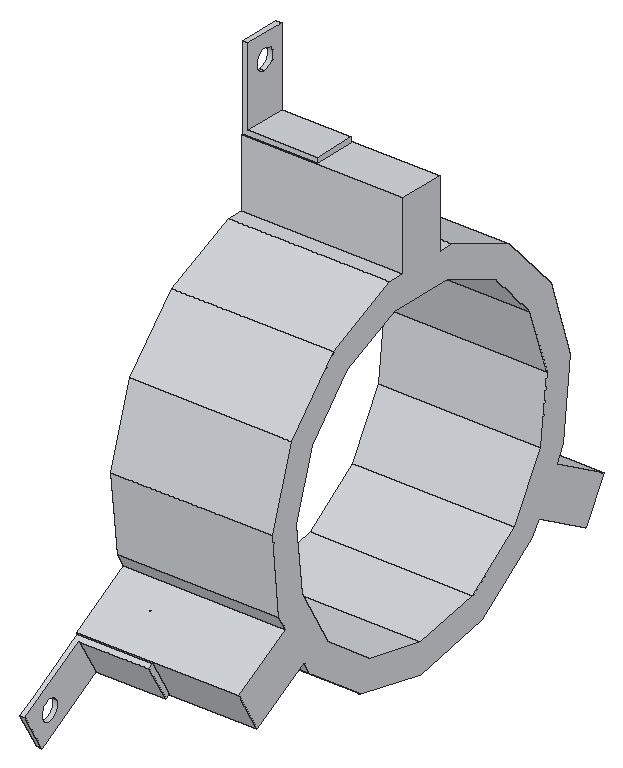
Revit family "LP100R", category Pipe Accessories, Revit 2021
Family settings
  Round Connector Dimension = Use Diameter
  Part Type = Breaks Into
  Work Plane-Based = No
  Always vertical = No
  Cut with Voids When Loaded = No
  Shared = No
Parameters
  URL = "https://www.snapcollars.com.au/"
  Model = "LP100R"
  Manufacturer = "Snap Fire Systems"
  Description = "The LP100R is a low profile, metal, retro-fit fire collar for concrete floor slabs."
  Default Elevation = 0 mm
Reference planes
  plane 1 "Center (Front/Back)": y = 0
  plane 2: z = 0
  plane 3 "Center (Left/Right)": x = -139.129
  plane 4: x = -230
  plane 5: x = -208.636
  plane 6: x = -210
Forms (mm)
  Extrusion 1, solid, material "PVC-White", not visible, detail levels fine
    sketch origin (0, 0, 0) x (1, 0, 0) y (0, 0, 1)
      loop
        line (-80, 60.418) -> (-227.967, 86.048) -> (-227.967, 69.12) -> (-80, 60.418)
    from -1.5 to 1.5
  Extrusion 2, solid, material "PVC-White", not visible, detail levels fine
    sketch origin (0, 0, 0) x (1, 0, 0) y (0, -0.5, 0.866025)
      loop
        line (-80, 60.418) -> (-227.967, 86.048) -> (-227.967, 69.12) -> (-80, 60.418)
    from -1.5 to 1.5
  Extrusion 3, solid, material "PVC-White", not visible, detail levels fine
    sketch origin (0, 0, 0) x (1, 0, 0) y (0, -0.866025, 0.5)
      loop
        line (-80, 60.418) -> (-227.967, 86.048) -> (-227.967, 69.12) -> (-80, 60.418)
    from -1.5 to 1.5
  Extrusion 4, solid, material "PVC-White", not visible, detail levels fine
    sketch origin (0, 0, 0) x (0, -1, 0) y (-1, 0, 0)
      loop
        line (60.418, 80) -> (86.048, 227.967) -> (69.12, 227.967) -> (60.418, 80)
    from -1.5 to 1.5
  Extrusion 5, solid, material "PVC-White", not visible, detail levels fine
    sketch origin (0, 0, 0) x (1, 0, 0) y (0, -0.866025, -0.5)
      loop
        line (-80, 60.418) -> (-227.967, 86.048) -> (-227.967, 69.12) -> (-80, 60.418)
    from -1.5 to 1.5
  Extrusion 6, solid, material "PVC-White", not visible, detail levels fine
    sketch origin (0, 0, 0) x (1, 0, 0) y (0, -0.5, -0.866025)
      loop
        line (-80, 60.418) -> (-227.967, 86.048) -> (-227.967, 69.12) -> (-80, 60.418)
    from -1.5 to 1.5
  Extrusion 7, solid, material "PVC-White", not visible, detail levels fine
    sketch origin (0, 0, 0) x (1, 0, 0) y (0, 0, -1)
      loop
        line (-80, 60.418) -> (-227.967, 86.048) -> (-227.967, 69.12) -> (-80, 60.418)
    from -1.5 to 1.5
  Extrusion 8, solid, material "PVC-White", not visible, detail levels fine
    sketch origin (0, 0, 0) x (1, 0, 0) y (0, 0.5, -0.866025)
      loop
        line (-80, 60.418) -> (-227.967, 86.048) -> (-227.967, 69.12) -> (-80, 60.418)
    from -1.5 to 1.5
  Extrusion 9, solid, material "PVC-White", not visible, detail levels fine
    sketch origin (0, 0, 0) x (1, 0, 0) y (0, 0.866025, -0.5)
      loop
        line (-80, 60.418) -> (-227.967, 86.048) -> (-227.967, 69.12) -> (-80, 60.418)
    from -1.5 to 1.5
  Extrusion 10, solid, material "PVC-White", not visible, detail levels fine
    sketch origin (0, 0, 0) x (1, 0, 0) y (0, 1, 0)
      loop
        line (-80, 60.418) -> (-227.967, 86.048) -> (-227.967, 69.12) -> (-80, 60.418)
    from -1.5 to 1.5
  Extrusion 11, solid, material "PVC-White", not visible, detail levels fine
    sketch origin (0, 0, 0) x (1, 0, 0) y (0, 0.866025, 0.5)
      loop
        line (-80, 60.418) -> (-227.967, 86.048) -> (-227.967, 69.12) -> (-80, 60.418)
    from -1.5 to 1.5
  Extrusion 12, solid, material "PVC-White", not visible, detail levels fine
    sketch origin (0, 0, 0) x (1, 0, 0) y (0, 0.5, 0.866025)
      loop
        line (-80, 60.418) -> (-227.967, 86.048) -> (-227.967, 69.12) -> (-80, 60.418)
    from -1.5 to 1.5
  Extrusion 13, solid
    sketch origin (-230, 2000, 1200) x (0, 1, 0) y (0, 0, 1)
      loop
        line (-2012.539, -1141.007) -> (-2035.45, -1151.208) -> (-2052.231, -1169.845) -> (-2059.98, -1193.696) -> (-2057.359, -1218.637) -> (-2044.82, -1240.356) -> (-2024.531, -1255.097) -> (-2000, -1260.311) -> (-1975.469, -1255.097) -> (-1955.18, -1240.356) -> (-1942.641, -1218.637) -> (-1940.02, -1193.696) -> (-1947.769, -1169.845) -> (-1964.55, -1151.208) -> (-1987.461, -1141.007) -> (-2012.539, -1141.007)
      loop
        line (-2014.879, -1130) -> (-2042.064, -1142.104) -> (-2061.976, -1164.218) -> (-2071.172, -1192.52) -> (-2068.061, -1222.114) -> (-2053.182, -1247.886) -> (-2029.108, -1265.377) -> (-2000, -1271.564) -> (-1970.892, -1265.377) -> (-1946.818, -1247.886) -> (-1931.939, -1222.114) -> (-1928.828, -1192.52) -> (-1938.024, -1164.218) -> (-1957.936, -1142.104) -> (-1985.121, -1130) -> (-2014.879, -1130)
    from 0 to 62
  Extrusion 14, solid, not visible
    sketch origin (-230, 23.225, 34.758) x (0, -0.92388, 0.382683) y (1, 0, 0)
      loop
        line (16.311, 91) -> (0, 91) -> (0, 65) -> (16.311, 65) -> (16.311, 91)
    from 0 to 3
  Extrusion 15, solid, not visible
    sketch origin (-230, 24.373, 37.53) x (0, -0.92388, 0.382683) y (1, 0, 0)
      loop
        line (16.311, 91) -> (0, 91) -> (0, 88) -> (16.311, 88) -> (16.311, 91)
    from 0 to 21
  Extrusion 16, solid, not visible
    sketch origin (-230, 29.556, 29.418) x (0, -0.828512, 0.559971) y (1, 0, 0)
      loop
        line (16.311, 91) -> (0, 91) -> (0, 65) -> (16.311, 65) -> (16.311, 91)
    from 0 to 3
  Extrusion 17, solid, not visible
    sketch origin (-230, 31.236, 31.904) x (0, -0.828512, 0.559971) y (1, 0, 0)
      loop
        line (16.311, 91) -> (0, 91) -> (0, 88) -> (16.311, 88) -> (16.311, 91)
    from 0 to 21
  Extrusion 18, solid, not visible
    sketch origin (-230, -15.852, 38.571) x (0, -0.83464, -0.550797) y (1, 0, 0)
      loop
        line (16.311, 91) -> (0, 91) -> (0, 65) -> (16.311, 65) -> (16.311, 91)
    from 0 to 3
  Extrusion 19, solid, not visible
    sketch origin (-230, -17.504, 41.075) x (0, -0.83464, -0.550797) y (1, 0, 0)
      loop
        line (16.311, 91) -> (0, 91) -> (0, 88) -> (16.311, 88) -> (16.311, 91)
    from 0 to 21
  Extrusion 20, solid, not visible
    sketch origin (-230, 29.261, -29.712) x (0, 0.564361, 0.825528) y (1, 0, 0)
      loop
        line (16.311, 91) -> (0, 91) -> (0, 65) -> (16.311, 65) -> (16.311, 91)
    from 0 to 3
  Extrusion 21, solid, not visible
    sketch origin (-230, 31.738, -31.405) x (0, 0.564361, 0.825528) y (1, 0, 0)
      loop
        line (16.311, 91) -> (0, 91) -> (0, 88) -> (16.311, 88) -> (16.311, 91)
    from 0 to 21
  Extrusion 22, solid, not visible
    sketch origin (-230, -38.657, -15.64) x (0, 0.54621, -0.837649) y (1, 0, 0)
      loop
        line (16.311, 91) -> (0, 91) -> (0, 65) -> (16.311, 65) -> (16.311, 91)
    from 0 to 3
  Extrusion 23, solid, not visible
    sketch origin (-230, -41.17, -17.279) x (0, 0.54621, -0.837649) y (1, 0, 0)
      loop
        line (16.311, 91) -> (0, 91) -> (0, 88) -> (16.311, 88) -> (16.311, 91)
    from 0 to 21
  Extrusion 24, solid
    sketch origin (0, 0, 41.882) x (1, 0, 0) y (0, 0, 1)
      loop
        line (-201.343, 54.118) -> (-201.343, 56.118) -> (-228.024, 56.118) -> (-228.024, 86.118) -> (-230, 86.118) -> (-230, 78) -> (-230, 54.118) -> (-201.343, 54.118)
    from -8 to 8
  Extrusion 25, void
    sketch origin (-228.024, 0, 132.882) x (0, 0, -1) y (0, 1, 0)
      loop
        circle (14, 0) r 4
    from -10.829 to 2.558
  Extrusion 26, solid, not visible
    sketch origin (0, 0, 41.882) x (1, 0, 0) y (0, 0, 1)
      loop
        line (-201.343, 54.118) -> (-201.343, 56.118) -> (-228.024, 56.118) -> (-228.024, 86.118) -> (-230, 86.118) -> (-230, 78) -> (-230, 54.118) -> (-201.343, 54.118)
    from -8 to 8
  Extrusion 27, void, not visible
    sketch origin (-228.024, 0, 132.882) x (0, 0, -1) y (0, 1, 0)
      loop
        circle (14, 0) r 4
    from -10.829 to 2.558
  Extrusion 28, solid
    sketch origin (0, -36.271, -20.941) x (1, 0, 0) y (0, -0.866025, -0.5)
      loop
        line (-201.343, 54.118) -> (-201.343, 56.118) -> (-228.024, 56.118) -> (-228.024, 86.118) -> (-230, 86.118) -> (-230, 78) -> (-230, 54.118) -> (-201.343, 54.118)
    from -8 to 8
  Extrusion 29, void
    sketch origin (-228.024, -115.079, -66.441) x (0, 0.866025, 0.5) y (0, -0.5, 0.866025)
      loop
        circle (14, 0) r 4
    from -10.829 to 2.558
  Extrusion 30, solid
    sketch origin (0, 36.271, -20.941) x (1, 0, 0) y (0, 0.866025, -0.5)
      loop
        line (-201.343, 54.118) -> (-201.343, 56.118) -> (-228.024, 56.118) -> (-228.024, 86.118) -> (-230, 86.118) -> (-230, 78) -> (-230, 54.118) -> (-201.343, 54.118)
    from -8 to 8
  Extrusion 31, void
    sketch origin (-228.024, 115.079, -66.441) x (0, -0.866025, 0.5) y (0, -0.5, -0.866025)
      loop
        circle (14, 0) r 4
    from -10.829 to 2.558
  Extrusion 32, solid
    sketch origin (0, 0, 26) x (1, 0, 0) y (0, 0, 1)
      loop
        line (-168, 41) -> (-168, 70) -> (-230, 70) -> (-230, 41) -> (-168, 41)
    from -8.715 to 8.715
  Extrusion 33, solid
    sketch origin (0, -22.517, -13) x (1, 0, 0) y (0, -0.866025, -0.5)
      loop
        line (-168, 41) -> (-168, 70) -> (-230, 70) -> (-230, 41) -> (-168, 41)
    from -8.715 to 8.715
  Extrusion 34, solid
    sketch origin (0, 22.517, -13) x (1, 0, 0) y (0, 0.866025, -0.5)
      loop
        line (-168, 41) -> (-168, 70) -> (-230, 70) -> (-230, 41) -> (-168, 41)
    from -8.715 to 8.715
Cuts and joins
  Extrusion 25, Extrusion 29 cuts Extrusion 24
  Extrusion 29 cuts Extrusion 28
  Extrusion 31 cuts Extrusion 30
  joined: Extrusion 13, Extrusion 32, Extrusion 33, Extrusion 34
Lines and regions (mm)
  model lines
    curve 1: circle (-230, 0, 0) r 31 normal (1, 0, 0)
    curve 2: circle (-230, 0, 0) r 128 normal (1, 0, 0)
    curve 3: circle (-230, 0, 0) r 118 normal (1, 0, 0)
Dimensions and locks
  locked: plane 4 to plane 3 "Center (Left/Right)" at 90.871
  Extrusion 1 sketch curve to Extrusion 1 sketch curve = 0 mm
  Extrusion 2 sketch curve to Extrusion 2 sketch curve = 0 mm
  Extrusion 3 sketch curve to Extrusion 3 sketch curve = 0 mm
  Extrusion 4 sketch curve to Extrusion 4 sketch curve = 0 mm
  Extrusion 5 sketch curve to Extrusion 5 sketch curve = 0 mm
  Extrusion 6 sketch curve to Extrusion 6 sketch curve = 0 mm
  Extrusion 7 sketch curve to Extrusion 7 sketch curve = 0 mm
  Extrusion 8 sketch curve to Extrusion 8 sketch curve = 0 mm
  Extrusion 9 sketch curve to Extrusion 9 sketch curve = 0 mm
  Extrusion 10 sketch curve to Extrusion 10 sketch curve = 0 mm
  Extrusion 11 sketch curve to Extrusion 11 sketch curve = 0 mm
  Extrusion 12 sketch curve to Extrusion 12 sketch curve = 0 mm
  aligned and locked: level to plane 2
Connectors
  piping at (-210, 0, 0), diameter 118
    settings: on plane 6, index 4, connector inside diameter 609.6 mm, connector length 0 mm, flow factor 0, pipe flow 0.0 L/s, pressure drop 0.0 Pa, fitting loss kfactor 0, connector angle 0.00°, fixture units 0, engagement length 0 mm, angle of deflection 0.00°, flow configuration 0, flow direction 0, fitting loss method 0, system type 7, joint type 0, gender type 0, connector reference index -1, connector utility 0, adjustable connector no, is connector primary yes, connector description ""
  piping at (-208.636, 0, 0), diameter 118
    settings: on plane 5, index 5, connector inside diameter 609.6 mm, connector length 0 mm, flow factor 0, pipe flow 0.0 L/s, pressure drop 0.0 Pa, fitting loss kfactor 0, connector angle 0.00°, fixture units 0, engagement length 0 mm, angle of deflection 0.00°, flow configuration 0, flow direction 0, fitting loss method 0, system type 7, joint type 0, gender type 0, connector reference index -1, connector utility 0, adjustable connector no, is connector primary no, connector description ""
